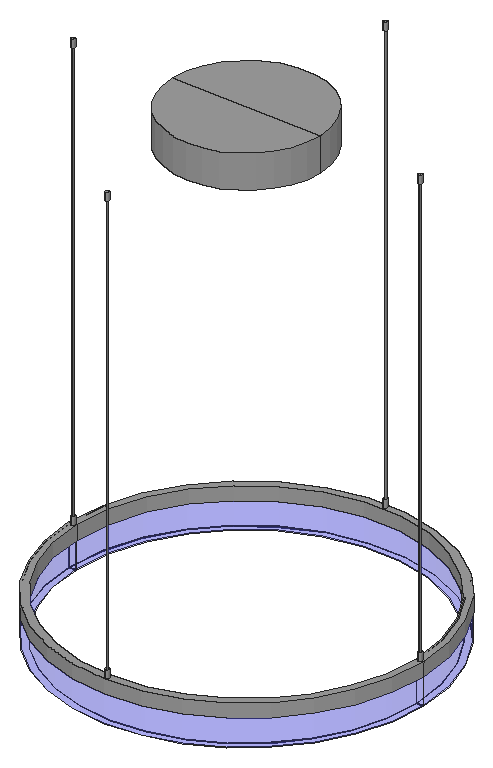
Revit family "Alcon-12272-1-24-Revit-Family", category Generic Models, host Ceiling, Revit 2025
Family settings
  Host = Ceiling
  Can host rebar = No
  Round Connector Dimension = Use Diameter
  Part Type = Normal
  Always vertical = Yes
  Cut with Voids When Loaded = No
  Maintain Annotation Orientation = No
  Shared = No
  Room Calculation Point = No
Parameters
  URL = "https://www.alconlighting.com/?srsltid=AfmBOooDPhGQ0dEP-X2PMtxFfvvWpIAEL4jCll_O2F4_to5onvhnBomy"
  Product Page = "https://www.alconlighting.com/redondo-12272-1.html"
  Model = "12272-1-24"
  Manufacturer = "Alcon Lighting"
  Lens = Glass
  Housing = Default
  Default Elevation = 0' - 0"
Reference planes (in)
  plane 1 "Center (Front/Back)": y = 0
  plane 2 "Ceiling": z = 96
  plane 3 "Center (Left/Right)": x = 0
Forms (in)
  Revolve 1, solid, material "Default" <- "Housing"
    sketch origin (0, 0, 0) x (1, 0, 0) y (0, 0, 1)
      loop
        line (0, 96) -> (0, 93.75) -> (5, 93.75) -> (5, 96) -> (0, 96)
      axis (0, 96) -> (0, 93.75)
    angle from 0 to 360
  Revolve 2, solid, material "Default" <- "Housing"
    sketch origin (0, 0, 0) x (1, 0, 0) y (0, 0, 1)
      loop
        line (11.47845, 66.65) -> (11.47845, 65.72813) -> (11.54095, 65.72813) -> (11.54095, 66.5875) -> (11.91595, 66.5875) -> (11.91595, 65.72813) -> (11.97845, 65.72813) -> (11.97845, 66.65) -> (11.47845, 66.65)
      axis (0, 65.72813) -> (0, 66.65)
    angle from 0 to 360
  Revolve 3, solid, material "Glass" <- "Lens"
    sketch origin (0, 0, 0) x (1, 0, 0) y (0, 0, 1)
      loop
        line (11.47845, 63.89) -> (11.97845, 63.89) -> (11.97845, 65.72813) -> (11.9472, 65.72813) -> (11.9472, 63.92125) -> (11.5097, 63.92125) -> (11.5097, 65.72813) -> (11.47845, 65.72813) -> (11.47845, 63.89)
      axis (0, 63.89) -> (0, 65.72813)
    angle from 0 to 360
  Revolve 4, solid, material "Default" <- "Housing"
    sketch origin (0, -24.29728, 0) x (0, 1, 0) y (0, 0, 1)
      loop
        line (12.55011, 66.65) -> (12.67511, 66.65) -> (12.67511, 67.1208) -> (12.55011, 67.1208) -> (12.55011, 66.65)
      axis (12.55011, 67.1208) -> (12.55011, 66.65)
    angle from 0 to 360
  Extrusion 5, solid, material "Default" <- "Housing"
    sketch origin (0, -11.74728, 92.90344) x (0, 1, 0) y (1, 0, 0)
      loop
        circle (0, 0) r 0.04922
    from -2.62576 to 25.78265
  Revolve 6, solid, material "Default" <- "Housing"
    sketch origin (0, -24.29728, 28.8792) x (0, 1, 0) y (0, 0, 1)
      loop
        line (12.55011, 66.65) -> (12.67511, 66.65) -> (12.67511, 67.1208) -> (12.55011, 67.1208) -> (12.55011, 66.65)
      axis (12.55011, 67.1208) -> (12.55011, 66.65)
    angle from 0 to 360
  Revolve 7, solid, material "Default" <- "Housing"
    sketch origin (0, -0.80413, 0) x (0, 1, 0) y (0, 0, 1)
      loop
        line (12.55011, 66.65) -> (12.67511, 66.65) -> (12.67511, 67.1208) -> (12.55011, 67.1208) -> (12.55011, 66.65)
      axis (12.55011, 67.1208) -> (12.55011, 66.65)
    angle from 0 to 360
  Extrusion 8, solid, material "Default" <- "Housing"
    sketch origin (0, 11.74587, 92.90344) x (0, 1, 0) y (1, 0, 0)
      loop
        circle (0, 0) r 0.04922
    from -2.62576 to 25.78265
  Revolve 9, solid, material "Default" <- "Housing"
    sketch origin (0, -0.80413, 28.8792) x (0, 1, 0) y (0, 0, 1)
      loop
        line (12.55011, 66.65) -> (12.67511, 66.65) -> (12.67511, 67.1208) -> (12.55011, 67.1208) -> (12.55011, 66.65)
      axis (12.55011, 67.1208) -> (12.55011, 66.65)
    angle from 0 to 360
  Revolve 10, solid, material "Default" <- "Housing"
    sketch origin (11.73156, -12.55011, 0) x (0, 1, 0) y (0, 0, 1)
      loop
        line (12.55011, 66.65) -> (12.67511, 66.65) -> (12.67511, 67.1208) -> (12.55011, 67.1208) -> (12.55011, 66.65)
      axis (12.55011, 67.1208) -> (12.55011, 66.65)
    angle from 0 to 360
  Extrusion 11, solid, material "Default" <- "Housing"
    sketch origin (11.73156, -0.00011, 92.90344) x (0, 1, 0) y (1, 0, 0)
      loop
        circle (0, 0) r 0.04922
    from -2.62576 to 25.78265
  Revolve 12, solid, material "Default" <- "Housing"
    sketch origin (11.73156, -12.55011, 28.8792) x (0, 1, 0) y (0, 0, 1)
      loop
        line (12.55011, 66.65) -> (12.67511, 66.65) -> (12.67511, 67.1208) -> (12.55011, 67.1208) -> (12.55011, 66.65)
      axis (12.55011, 67.1208) -> (12.55011, 66.65)
    angle from 0 to 360
  Revolve 13, solid, material "Default" <- "Housing"
    sketch origin (-11.71542, -12.55011, 0) x (0, 1, 0) y (0, 0, 1)
      loop
        line (12.55011, 66.65) -> (12.67511, 66.65) -> (12.67511, 67.1208) -> (12.55011, 67.1208) -> (12.55011, 66.65)
      axis (12.55011, 67.1208) -> (12.55011, 66.65)
    angle from 0 to 360
  Extrusion 14, solid, material "Default" <- "Housing"
    sketch origin (-11.71542, -0.00011, 92.90344) x (0, 1, 0) y (1, 0, 0)
      loop
        circle (0, 0) r 0.04922
    from -2.62576 to 25.78265
  Revolve 15, solid, material "Default" <- "Housing"
    sketch origin (-11.71542, -12.55011, 28.8792) x (0, 1, 0) y (0, 0, 1)
      loop
        line (12.55011, 66.65) -> (12.67511, 66.65) -> (12.67511, 67.1208) -> (12.55011, 67.1208) -> (12.55011, 66.65)
      axis (12.55011, 67.1208) -> (12.55011, 66.65)
    angle from 0 to 360
  Revolve 16, solid, material "Default" <- "Housing"
    sketch origin (-11.71542, -12.55011, 0) x (0, 1, 0) y (0, 0, 1)
      loop
        line (12.55011, 66.65) -> (12.67511, 66.65) -> (12.67511, 67.1208) -> (12.55011, 67.1208) -> (12.55011, 66.65)
      axis (12.55011, 67.1208) -> (12.55011, 66.65)
    angle from 0 to 360
  Extrusion 17, solid, material "Default" <- "Housing"
    sketch origin (-11.71542, -0.00011, 92.90344) x (0, 1, 0) y (1, 0, 0)
      loop
        circle (0, 0) r 0.04922
    from -2.62576 to 25.78265
  Revolve 18, solid, material "Default" <- "Housing"
    sketch origin (-11.71542, -12.55011, 28.8792) x (0, 1, 0) y (0, 0, 1)
      loop
        line (12.55011, 66.65) -> (12.67511, 66.65) -> (12.67511, 67.1208) -> (12.55011, 67.1208) -> (12.55011, 66.65)
      axis (12.55011, 67.1208) -> (12.55011, 66.65)
    angle from 0 to 360
Dimensions and locks (in)
  equal spacing: host sketch curve, plane 3 "Center (Left/Right)", host sketch curve
  equal spacing: host sketch curve, plane 1 "Center (Front/Back)", host sketch curve
  host sketch curve to host sketch curve = 10' - 0"  (x2)
  aligned and locked: Extrusion 5 to Revolve 4
  aligned and locked: Revolve 6 to Extrusion 5
  aligned and locked: Extrusion 8 to Revolve 7
  aligned and locked: Revolve 9 to Extrusion 8
  aligned and locked: Extrusion 11 to Revolve 10
  aligned and locked: Revolve 12 to Extrusion 11
  aligned and locked: Extrusion 14 to Revolve 13
  aligned and locked: Extrusion 17 to Revolve 16
